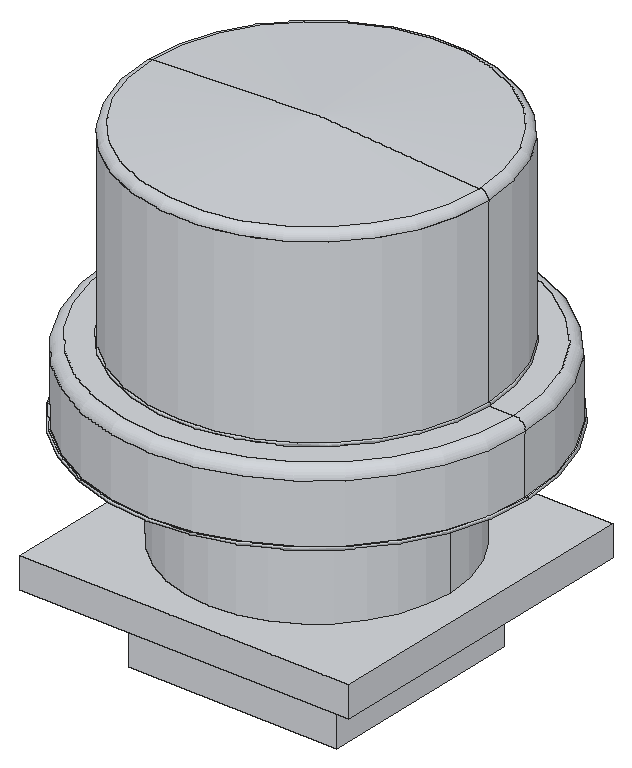
Revit family "EF-4", category Mechanical Equipment, host Face, Revit 2025
Family settings
  Host = Face
  Round Connector Dimension = Use Diameter
  Classification = None
  Part Type = Normal
  Cut with Voids When Loaded = No
  Maintain Annotation Orientation = No
  Shared = No
  Room Calculation Point = No
Parameters (values of type "G-099-VG4X-QD")
  X = 19"
  URL = "file:///C:/Users/User/Downloads/GreenheckShop_ProductCutSheet_G-099-4VG119XQD_20250812080105.pdf"
  Model = "G-099-VG4X-QD"
  Manufacturer = "GREENHECK"
  Default Elevation = 48"
  D = 12"
Reference planes (in)
  plane 1 "Center (Front/Back)": y = 0
  plane 2: z = 0
  plane 3 "Center (Left/Right)": x = 0
Forms (in)
  Revolve 1, solid
    sketch origin (0, 0, 0) x (1, 0, 0) y (0, 0, 1)
      loop
        line (0, 1.75) -> (7.75, 1.75) -> (7.75, 8.06963) -> (12.15231, 8.06963)
        arc (12.15231, 8.06963) -> (12.21484, 8.13467) -> (12.15063, 8.19805) r 0.06422
        line (12.15063, 8.19805) -> (12.0625, 8.19805) -> (12.0625, 11.54996)
        arc (12.0625, 11.54996) -> (11.87594, 12.00037) -> (11.42553, 12.18694) r 0.63697
        line (11.42553, 12.18694) -> (9.9375, 12.18694)
        arc (9.9375, 12.18694) -> (10.02092, 12.27036) -> (9.9375, 12.35378) r 0.08342
        line (9.9375, 12.35378) -> (9.9375, 22.75472)
        arc (9.9375, 22.75472) -> (9.80019, 23.09889) -> (9.46367, 23.25403) r 0.5
        line (9.46367, 23.25403) -> (0, 23.75) -> (0, 1.75)
      axis (0, 23.75) -> (0, 1.75)
    angle from 0 to 360
  Extrusion 2, solid
    sketch origin (0, 0, 0) x (1, 0, 0) y (0, 1, 0)
      loop
        line (-9.5, 9.5) -> (-9.5, -9.5) -> (9.5, -9.5) -> (9.5, 9.5) -> (-9.5, 9.5)
    from 0 to 1.75
  Extrusion 3, solid
    sketch origin (0, 0, 0) x (1, 0, 0) y (0, 1, 0)
      loop
        line (-6, 6) -> (-6, -6) -> (6, -6) -> (6, 6) -> (-6, 6)
    from 0 to -4.29952
Dimensions and locks (in)
  equal spacing: Extrusion 2 sketch curve, plane 3 "Center (Left/Right)", Extrusion 2 sketch curve
  equal spacing: Extrusion 2 sketch curve, plane 1 "Center (Front/Back)", Extrusion 2 sketch curve
  "X": Extrusion 2 sketch curve to Extrusion 2 sketch curve  (x2)
  equal spacing: Extrusion 3 sketch curve, plane 3 "Center (Left/Right)", Extrusion 3 sketch curve
  equal spacing: Extrusion 3 sketch curve, plane 1 "Center (Front/Back)", Extrusion 3 sketch curve
  Extrusion 3 sketch curve to Extrusion 2 = 3 1/2"  (x2)
  "D": Extrusion 3 sketch curve to Extrusion 3 sketch curve  (x2)
  aligned and locked: plane 2 to host face
  aligned and locked: level to host face
Automatic sketch dimensions
  host sketch curve to host sketch curve = 96"  (x2)
  Revolve 1 sketch curve to plane 3 "Center (Left/Right)" = 0"  (x2)
  level to Revolve 1 sketch curve = 1 3/4"
  plane 3 "Center (Left/Right)" to Revolve 1 sketch curve = 7 3/4"
  plane 3 "Center (Left/Right)" to Revolve 1 sketch curve = 9 7/16"
  Revolve 1 sketch curve to Revolve 1 sketch curve = 0.02617"
  Revolve 1 sketch curve to Revolve 1 sketch curve = 1/2"
  Revolve 1 sketch curve to Revolve 1 sketch curve = 1.48803"
  Revolve 1 sketch curve to Revolve 1 sketch curve = 0.63697"
  Revolve 1 sketch curve to Revolve 1 sketch curve = 0.08813"
  Revolve 1 sketch curve to Revolve 1 sketch curve = 0.00168"
  Revolve 1 sketch curve to Revolve 1 sketch curve = 6.31963"
  Revolve 1 sketch curve to Revolve 1 sketch curve = 0.0642"
  Revolve 1 sketch curve to Revolve 1 sketch curve = 3.35191"
  Revolve 1 sketch curve to Revolve 1 sketch curve = 0.08342"
  Revolve 1 sketch curve to Revolve 1 sketch curve = 10.40094"
  Revolve 1 sketch curve to Revolve 1 sketch curve = 0.49597"
  Revolve 1 sketch curve to Revolve 1 sketch curve = 2.06963"
  Revolve 1 sketch curve to Revolve 1 sketch curve = 1 3/4"
Connectors (in)
  hvac at (0, 0, -4.29952), driven by "D", driven by "D"
    settings: on Extrusion 3, index 1, duct flow 0 CFM, flow factor 0, pres drop 0.00 in-wg, loss coef 0, conn angle 0.00°, conn width 12", conn height 12", conn diameter 24", duct sys type 3, conn prof type 1, flow config 0, flow direction 0, loss method 0, conn ref index -1, conn util no, is conn primary yes, conn desc ""
